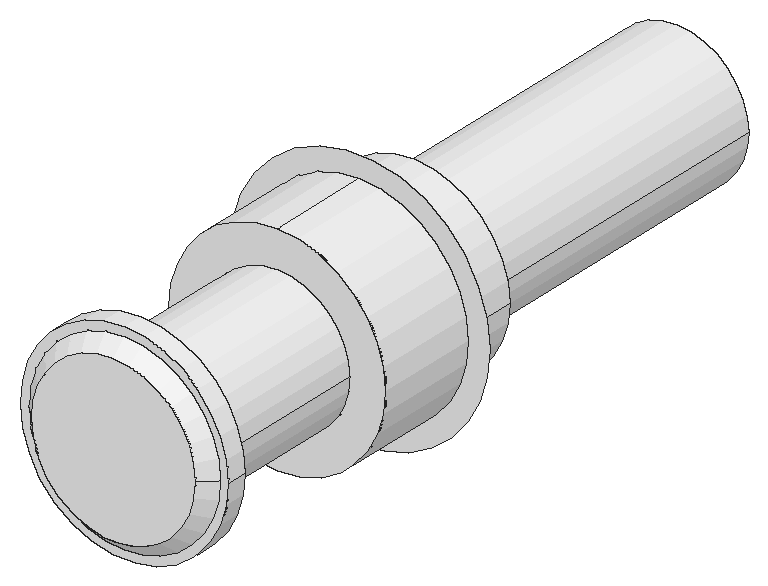
Revit family "WallgateLtd_Vlves_PBA0502BA-PBA0512BA", category Plumbing Fixtures, Revit 2015
Parameters
  WaterSupplyFittingMaterial = Concept
  WallThickness [instance] = 25 mm
  SpacerRequiredCalc [instance] = if(WallThickness < 25.1 mm, 15 mm, 0 mm)  # 15 mm
  SpacerRequired [instance] = if(and(WallThickness < 25.1 mm, NominalLength < 99 mm), 0 < 1, 1 < 0)  # yes
  NominalLength [instance] = 98 mm
  Manufacturer = ""
  Description = ""
Reference planes
  plane 1 "Center (Front/Back)": y = 0
  plane 2: z = 0
  plane 3 "Center (Left/Right)": x = 0
  plane 4 "Face": y = -5
  plane 5 "Wall Thickness": y = 25
  plane 6 "SpacerThickness": y = 40
  plane 7: y = 98
Forms (mm)
  Extrusion 1, solid, material "Concept" <- "WaterSupplyFittingMaterial"
    sketch origin (0, 0, 0) x (1, 0, 0) y (0, 0, 1)
      loop
        circle (0, 0) r 10.5
    from 0 to -98
  SweptBlend 2, solid, material "Concept" <- "WaterSupplyFittingMaterial", detail levels medium+fine
    path origin (0, 0, 0) x (1, 0, 0) y (0, 1, 0)
      loop
        line (0, -3) -> (0, -5)
    profile origin (0, -3, 0) x (1, 0, 0) y (0, 0, 1)
      loop
        circle (0, 0) r 14
    end profile origin (0, -5, 0) x (1, 0, 0) y (0, 0, 1)
      loop
        circle (0, 0) r 12
  Extrusion 3, solid, material "Concept" <- "WaterSupplyFittingMaterial", visible <- "SpacerRequired", detail levels fine
    sketch origin (0, 25, 0) x (0, 0, 1) y (-1, 0, 0)
      loop
        circle (0, 0) r 15.875
      loop
        circle (0, 0) r 10.5
    from 0 to -15
  SweptBlend 4, solid, material "Concept" <- "WaterSupplyFittingMaterial", detail levels fine
    path origin (0, 0, 0) x (1, 0, 0) y (0, 1, 0)
      loop
        line (0, 40) -> (0, 42.5)
    profile origin (0, 40, 0) x (-1, 0, 0) y (0, 0, 1)
      loop
        circle (0, 0) r 19
    end profile origin (0, 42.5, 0) x (-1, 0, 0) y (0, 0, 1)
      loop
        circle (0, 0) r 14.5
  Extrusion 5, solid, material "Concept" <- "WaterSupplyFittingMaterial", detail levels fine
    sketch origin (0, 40, 0) x (-1, 0, 0) y (0, 0, 1)
      loop
        circle (0, 0) r 14
    from 2.5 to 9.9
  Extrusion 6, void
    sketch origin (0, 25, 0) x (0, 0, 1) y (-1, 0, 0)
      loop
        circle (0, 0) r 10.5
    from -73 to 25
  Extrusion 7, solid, material "Concept" <- "WaterSupplyFittingMaterial"
    sketch origin (0, 0, 0) x (1, 0, 0) y (0, 0, 1)
      loop
        circle (0, 0) r 15.25
    from 0 to 3
Cuts and joins
  Extrusion 6 cuts Extrusion 3
  Extrusion 6 cuts SweptBlend 4
  Extrusion 6 cuts Extrusion 5
Lines and regions (mm)
  Masking region 1
    outline origin (0, 25, 0) x (0, 0, 1) y (-1, 0, 0)
      loop
        circle (0, 0) r 15.25
  model lines, detail levels fine
    curve 1: circle (0, -5, 0) r 10.5 normal (0, 1, 0)
  symbolic lines, detail levels fine
    curve 2: circle (0, 25, 0) r 12 normal (0, -1, 0)
    curve 4: circle (0, 0, 0) r 14 normal (0, -1, 0)
    curve 5: circle (0, 0, 0) r 12 normal (0, -1, 0)
  symbolic lines, detail levels medium+fine
    curve 3: circle (0, 0, 0) r 14.75 normal (0, -1, 0)
Dimensions and locks
  "WallThickness": plane 5 "Wall Thickness" to plane 1 "Center (Front/Back)"
  "SpacerRequiredCalc": plane 5 "Wall Thickness" to plane 6 "SpacerThickness"
  "NominalLength": plane 1 "Center (Front/Back)" to plane 7
  aligned and locked: level to plane 2
  aligned and locked: plane 1 "Center (Front/Back)" to Extrusion 6
  aligned and locked: SweptBlend 4 to plane 6 "SpacerThickness"
  aligned and locked: Extrusion 6 to Extrusion 1
  aligned and locked: Extrusion 1 to plane 7
Automatic sketch dimensions
  curve 1 to level = 0 mm
  curve 1 to plane 3 "Center (Left/Right)" = 0 mm
  Extrusion 1 sketch curve to level = 0 mm
  Extrusion 1 sketch curve to plane 3 "Center (Left/Right)" = 0 mm
  SweptBlend 2 sketch curve to plane 3 "Center (Left/Right)" = 0 mm
  SweptBlend 2 sketch curve to plane 4 "Face" = 0 mm
  plane 1 "Center (Front/Back)" to SweptBlend 2 sketch curve = 3 mm
  SweptBlend 2 sketch curve to level = 0 mm  (x2)
  profile plane to SweptBlend 2 sketch curve = 0 mm  (x2)
  Extrusion 3 sketch curve to level = 0 mm
  Extrusion 3 sketch curve to plane 3 "Center (Left/Right)" = 0 mm
  SweptBlend 4 sketch curve to level = 0 mm  (x2)
  SweptBlend 4 sketch curve to profile plane = 0 mm  (x2)
  Extrusion 6 sketch curve to level = 0 mm
  Extrusion 6 sketch curve to plane 3 "Center (Left/Right)" = 0 mm
  Extrusion 5 sketch curve to level = 0 mm
  Extrusion 5 sketch curve to plane 3 "Center (Left/Right)" = 0 mm
  SweptBlend 4 sketch curve to plane 3 "Center (Left/Right)" = 0 mm
  SweptBlend 4 sketch curve to plane 6 "SpacerThickness" = 0 mm
  SweptBlend 4 sketch curve to SweptBlend 4 sketch curve = 2.5 mm
  Masking region 1 sketch curve to level = 0 mm
  Masking region 1 sketch curve to plane 3 "Center (Left/Right)" = 0 mm
  curve 2 to level = 0 mm
  curve 2 to plane 3 "Center (Left/Right)" = 0 mm
  Extrusion 3 sketch curve to Extrusion 3 sketch curve = 0 mm  (x2)
  Extrusion 7 sketch curve to level = 0 mm
  Extrusion 7 sketch curve to plane 3 "Center (Left/Right)" = 0 mm
  curve 3 to curve 5 = 0 mm  (x2)
  curve 4 to curve 5 = 0 mm  (x2)
  curve 5 to level = 0 mm
  curve 5 to plane 3 "Center (Left/Right)" = 0 mm
  radius of curve 1 = 10.5 mm
  radius of Extrusion 1 sketch curve = 10.5 mm
  radius of SweptBlend 2 sketch curve = 14 mm
  radius of SweptBlend 2 sketch curve = 12 mm
  radius of Extrusion 3 sketch curve = 15.875 mm
  radius of SweptBlend 4 sketch curve = 19 mm
  radius of SweptBlend 4 sketch curve = 14.5 mm
  radius of Extrusion 6 sketch curve = 10.5 mm
  radius of Extrusion 5 sketch curve = 14 mm
  radius of Masking region 1 sketch curve = 15.25 mm
  radius of curve 2 = 12 mm
  radius of Extrusion 3 sketch curve = 10.5 mm
  radius of Extrusion 7 sketch curve = 15.25 mm
  radius of curve 3 = 14.75 mm
  radius of curve 4 = 14 mm
  radius of curve 5 = 12 mm
